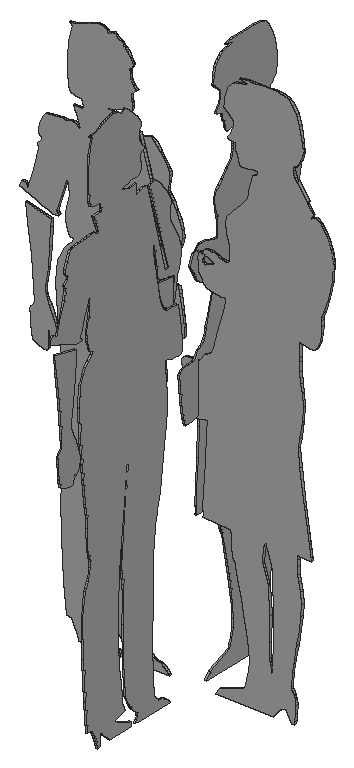
Revit family
Parameters
  built-in parameter 1005198 = (empty or 0)
  built-in parameter 1005195 = "d:\\byoh\\M25_HOL1_Santa.rpc"
Reference planes
  plane 1 "Center (Front/Back)": y = 0
  plane 2: z = 0
  plane 3 "Center (Left/Right)": x = 0
Forms (mm)
  Extrusion 1, solid, material "Sombra escala"
    sketch origin (0, 0, 0) x (1, 0, 0) y (0, 0, 1)
      loop
        line (-466.361, 1260.301) -> (-470.681, 1234.603) -> (-482.071, 1196.113) -> (-493.461, 1160.485) -> (-497.725, 1144.774) -> (-499.184, 1147.636) -> (-502.045, 1151.9) -> (-504.851, 1156.22) -> (-510.574, 1157.623) -> (-516.297, 1154.761) -> (-519.158, 1149.095) -> (-521.964, 1143.372) -> (-521.964, 1140.51) -> (-517.7, 1139.107) -> (-506.31, 1133.384) -> (-490.599, 1127.661) -> (-472.084, 1120.536) -> (-453.568, 1112.007) -> (-436.455, 1106.284) -> (-423.606, 1100.617) -> (-416.48, 1099.158) -> (-407.952, 1100.617) -> (-406.493, 1103.423) -> (-409.355, 1107.743) -> (-412.216, 1113.41) -> (-407.952, 1126.259) -> (-397.965, 1154.761) -> (-389.38, 1181.862) -> (-385.116, 1194.71) -> (-382.255, 1201.836) -> (-377.99, 1197.572) -> (-376.588, 1186.126) -> (-375.129, 1170.472) -> (-377.99, 1153.359) -> (-382.255, 1131.982) -> (-386.519, 1112.007) -> (-385.116, 1094.894) -> (-383.713, 1084.907) -> (-379.393, 1073.517) -> (-376.588, 1063.53) -> (-375.129, 1059.265) -> (-362.28, 1055.001) -> (-365.142, 1046.473) -> (-380.852, 1033.624) -> (-390.839, 1020.831) -> (-399.367, 1006.58) -> (-405.091, 992.328) -> (-409.355, 982.341) -> (-415.078, 923.877) -> (-410.757, 844.035) -> (-403.632, 768.457) -> (-399.367, 727.105) -> (-395.103, 700.005) -> (-390.839, 660.112) -> (-385.116, 620.219) -> (-383.713, 593.119) -> (-382.255, 538.919) -> (-377.99, 514.68) -> (-373.726, 501.831) -> (-372.267, 484.774) -> (-375.129, 471.926) -> (-380.852, 453.41) -> (-387.978, 436.297) -> (-390.839, 429.171) -> (-400.77, 362.122) -> (-399.367, 252.374) -> (-392.242, 136.904) -> (-383.713, 52.742) -> (-368.003, 52.742) -> (-365.142, 45.616) -> (-359.475, 31.364) -> (-352.349, 12.849) -> (-348.029, -2.862) -> (-338.041, -2.862) -> (-338.041, 34.226) -> (-333.777, 29.962) -> (-325.249, 21.377) -> (-313.803, 9.987) -> (-303.871, 0) -> (-224.03, 0) -> (-226.756, 14.725) -> (-243.019, 19.416) -> (-269.8, 30.682) -> (-284.704, 42.717) -> (-246.809, 52.742) -> (-252.445, 64.128) -> (-259.638, 76.91) -> (-260.316, 92.406) -> (-261.061, 132.584) -> (-266.784, 155.42) -> (-271.048, 176.797) -> (-272.507, 242.387) -> (-272.507, 335.078) -> (-269.645, 422.045) -> (-265.381, 470.467) -> (-249.671, 600.245) -> (-241.143, 717.118) -> (-238.281, 769.916) -> (-238.281, 701.464) -> (-241.143, 660.112) -> (-246.809, 567.422) -> (-253.935, 474.787) -> (-256.797, 433.435) -> (-255.394, 419.184) -> (-252.533, 387.819) -> (-249.671, 354.996) -> (-249.671, 332.216) -> (-251.074, 282.28) -> (-249.671, 186.784) -> (-243.948, 88.426) -> (-235.42, 68.452) -> (-226.835, 52.742) -> (-218.307, 42.754) -> (-212.584, 37.087) -> (-205.458, 31.364) -> (-201.194, 27.1) -> (-199.791, 21.377) -> (-199.791, 19.974) -> (-198.332, 15.71) -> (-204.055, 8.585) -> (-206.917, 1.459) -> (-194.068, -1.403) -> (-80, 0) -> (-81.459, 2.862) -> (-87.126, 9.987) -> (-95.71, 18.516) -> (-107.1, 24.239) -> (-118.49, 25.698) -> (-127.075, 29.962) -> (-134.2, 35.629) -> (-141.326, 44.213) -> (-145.59, 92.691) -> (-147.049, 191.048) -> (-145.59, 297.99) -> (-145.59, 372.109) -> (-142.729, 410.599) -> (-139.867, 450.548) -> (-138.465, 484.774) -> (-138.465, 507.554) -> (-134.2, 503.29) -> (-128.477, 528.931) -> (-119.949, 574.547) -> (-112.823, 631.609) -> (-104.239, 690.074) -> (-97.113, 741.357) -> (-92.849, 777.042) -> (-91.446, 788.431) -> (-94.251, 819.796) -> (-97.113, 862.55) -> (-99.974, 899.638) -> (-101.377, 915.292) -> (-98.572, 913.889) -> (-92.849, 912.487) -> (-82.862, 909.625) -> (-71.472, 906.764) -> (-60.026, 905.361) -> (-48.636, 903.902) -> (-40.107, 905.361) -> (-35.843, 908.166) -> (-35.843, 933.864) -> (-41.51, 978.021) -> (-48.636, 1020.831) -> (-51.497, 1039.347) -> (-70.013, 1043.611) -> (-91.446, 1040.75) -> (-94.251, 1042.209) -> (-99.974, 1046.473) -> (-108.503, 1055.001) -> (-115.629, 1069.253) -> (-122.811, 1093.491) -> (-127.075, 1119.133) -> (-129.936, 1139.107) -> (-131.339, 1147.636) -> (-134.2, 1161.887) -> (-139.867, 1191.849) -> (-144.188, 1224.616) -> (-144.58, 1246.307) -> (-140.722, 1241.167) -> (-137.062, 1228.936) -> (-134.2, 1213.226) -> (-131.339, 1200.377) -> (-128.477, 1184.723) -> (-127.075, 1164.749) -> (-124.213, 1144.774) -> (-117.087, 1134.843) -> (-105.698, 1131.982) -> (-91.446, 1129.12) -> (-80, 1127.661) -> (-75.736, 1127.661) -> (-68.61, 1127.661) -> (-64.346, 1124.856) -> (-62.887, 1119.133) -> (-62.887, 1114.869) -> (-64.346, 1107.743) -> (-67.207, 1099.158) -> (-67.207, 1094.894) -> (-65.337, 1051.37) -> (-62.887, 1069.253) -> (-58.623, 1089.171) -> (-55.761, 1110.604) -> (-54.359, 1119.133) -> (-50.094, 1133.384) -> (-44.371, 1150.497) -> (-40.107, 1170.472) -> (-41.51, 1190.446) -> (-48.636, 1214.629) -> (-58.623, 1237.465) -> (-70.013, 1258.842) -> (-82.862, 1280.219) -> (-82.862, 1288.804) -> (-80, 1305.917) -> (-78.597, 1323.03) -> (-78.597, 1331.558) -> (-82.862, 1340.143) -> (-88.585, 1351.533) -> (-97.113, 1362.923) -> (-105.698, 1375.771) -> (-114.226, 1387.161) -> (-122.811, 1395.746) -> (-129.936, 1402.872) -> (-135.603, 1404.274) -> (-142.729, 1402.872) -> (-149.855, 1400.01) -> (-156.882, 1398.219) -> (-84.174, 1152.148) -> (-98.572, 1149.585) -> (-166.968, 1404.274) -> (-176.955, 1405.677) -> (-189.804, 1402.872) -> (-201.194, 1400.01) -> (-205.458, 1398.551) -> (-205.458, 1427.11) -> (-225.432, 1424.249) -> (-262.52, 1437.041) -> (-259.658, 1437.041) -> (-253.935, 1438.5) -> (-246.809, 1439.903) -> (-236.822, 1441.362) -> (-228.294, 1445.626) -> (-218.307, 1447.029) -> (-209.778, 1445.626) -> (-205.458, 1445.626) -> (-202.596, 1445.626) -> (-196.929, 1448.488) -> (-191.206, 1451.349) -> (-188.345, 1458.475) -> (-188.345, 1467.003) -> (-189.804, 1476.99) -> (-191.206, 1484.116) -> (-191.206, 1486.978) -> (-191.206, 1499.77) -> (-175.552, 1512.619) -> (-178.414, 1515.481) -> (-185.539, 1522.606) -> (-192.665, 1532.594) -> (-195.471, 1541.122) -> (-195.471, 1549.707) -> (-195.471, 1556.832) -> (-197.428, 1562.555) -> (-195.471, 1562.555) -> (-191.206, 1565.361) -> (-188.345, 1569.681) -> (-186.942, 1578.21) -> (-189.804, 1585.335) -> (-195.471, 1593.92) -> (-202.596, 1605.31) -> (-212.584, 1615.297) -> (-222.571, 1625.284) -> (-232.558, 1633.813) -> (-239.684, 1639.536) -> (-243.948, 1642.341) -> (-249.671, 1640.938) -> (-253.935, 1638.077) -> (-255.394, 1635.215) -> (-256.797, 1633.813) -> (-259.658, 1636.674) -> (-266.784, 1642.341) -> (-278.174, 1648.064) -> (-289.62, 1649.523) -> (-295.287, 1648.064) -> (-301.01, 1646.661) -> (-308.136, 1643.8) -> (-315.261, 1642.341) -> (-320.984, 1639.536) -> (-328.11, 1636.674) -> (-335.236, 1633.813) -> (-340.903, 1630.951) -> (-353.752, 1626.687) -> (-365.142, 1625.284) -> (-375.129, 1625.284) -> (-370.865, 1623.825) -> (-366.6, 1618.159) -> (-368.003, 1609.574) -> (-376.588, 1572.487) -> (-379.393, 1532.594) -> (-379.393, 1492.645) -> (-377.99, 1454.154) -> (-372.267, 1441.362) -> (-358.016, 1435.639) -> (-343.764, 1435.639) -> (-338.041, 1437.041) -> (-335.236, 1425.652) -> (-333.777, 1417.123) -> (-333.777, 1411.4) -> (-333.777, 1409.997) -> (-363.739, 1409.997) -> (-359.475, 1401.413) -> (-350.89, 1381.438) -> (-343.764, 1361.52) -> (-343.764, 1355.797) -> (-356.613, 1364.381) -> (-362.28, 1365.784) -> (-369.406, 1364.381) -> (-385.116, 1362.923) -> (-396.506, 1362.923) -> (-407.952, 1361.52) -> (-417.883, 1361.52) -> (-427.87, 1360.061) -> (-434.996, 1358.658) -> (-440.719, 1358.658) -> (-444.983, 1357.2) -> (-446.442, 1357.2) -> (-450.706, 1350.074) -> (-459.235, 1333.017) -> (-466.361, 1313.043) -> (-464.958, 1300.194) -> (-459.235, 1293.068) -> (-456.373, 1288.804) -> (-456.373, 1285.942) -> (-456.373, 1284.54) -> (-469.81, 1272.302) -> (-467.819, 1270.232) -> (-466.361, 1260.301)
      loop
        line (-124.052, 1131.438) -> (-117.929, 1094.616) -> (-110.96, 1071.095) -> (-104.394, 1057.963) -> (-96.696, 1050.265) -> (-90.809, 1045.879) -> (-70.224, 1048.627) -> (-72.405, 1099.378) -> (-69.184, 1109.039) -> (-67.887, 1115.375) -> (-67.887, 1121.201) -> (-70.107, 1122.661) -> (-80.317, 1122.661) -> (-92.255, 1124.183) -> (-106.799, 1127.103) -> (-124.052, 1131.438)
      loop
        line (-427.87, 1086.366) -> (-504.851, 1103.423) -> (-497.725, 1053.542) -> (-487.738, 969.492) -> (-480.612, 888.248) -> (-479.209, 846.896) -> (-483.474, 839.77) -> (-489.197, 834.047) -> (-493.461, 828.324) -> (-492.058, 824.06) -> (-490.599, 811.211) -> (-489.197, 789.834) -> (-487.738, 765.595) -> (-484.932, 747.08) -> (-476.348, 742.816) -> (-469.222, 739.954) -> (-462.096, 737.093) -> (-456.373, 735.69) -> (-450.706, 734.231) -> (-446.442, 734.231) -> (-443.581, 734.231) -> (-440.719, 735.69) -> (-437.858, 739.954) -> (-436.455, 745.677) -> (-436.455, 749.941) -> (-436.455, 751.344) -> (-436.455, 785.57) -> (-434.996, 775.583) -> (-434.996, 764.193) -> (-433.593, 755.608) -> (-433.593, 751.344) -> (-423.606, 757.067) -> (-422.204, 761.331) -> (-417.883, 772.721) -> (-415.078, 786.973) -> (-413.619, 796.96) -> (-416.48, 811.211) -> (-423.606, 832.645) -> (-432.191, 854.022) -> (-439.316, 869.676) -> (-443.581, 879.663) -> (-446.442, 889.651) -> (-446.442, 902.499) -> (-442.122, 916.751) -> (-437.858, 952.379) -> (-432.191, 1010.844) -> (-429.329, 1063.53) -> (-427.87, 1086.366)
      loop
        line (295.323, 1438.616) -> (290.65, 1445.626) -> (287.845, 1455.613) -> (286.386, 1464.142) -> (287.845, 1471.267) -> (290.65, 1474.129) -> (293.512, 1475.588) -> (294.971, 1475.588) -> (299.235, 1481.255) -> (307.763, 1495.506) -> (314.889, 1518.342) -> (313.486, 1545.442) -> (304.902, 1586.738) -> (296.373, 1615.297) -> (284.983, 1635.215) -> (272.135, 1648.064) -> (255.022, 1653.787) -> (232.242, 1655.19) -> (203.683, 1655.19) -> (166.651, 1655.19) -> (153.803, 1655.19) -> (140.954, 1653.787) -> (130.967, 1650.926) -> (126.702, 1650.926) -> (153.803, 1643.8) -> (116.715, 1636.674) -> (113.91, 1635.215) -> (106.728, 1629.548) -> (98.199, 1622.423) -> (91.074, 1615.297) -> (88.212, 1603.851) -> (83.948, 1585.335) -> (82.545, 1568.222) -> (81.086, 1561.097) -> (83.948, 1558.235) -> (88.212, 1552.568) -> (96.797, 1545.442) -> (103.922, 1539.719) -> (108.187, 1531.135) -> (108.187, 1518.342) -> (103.922, 1504.091) -> (96.797, 1492.645) -> (92.476, 1485.519) -> (92.476, 1481.255) -> (95.338, 1479.852) -> (96.797, 1479.852) -> (113.91, 1475.588) -> (113.91, 1472.726) -> (113.91, 1468.406) -> (113.91, 1464.142) -> (115.312, 1458.475) -> (118.174, 1452.752) -> (121.035, 1449.89) -> (122.438, 1448.488) -> (122.438, 1444.167) -> (123.841, 1434.236) -> (126.702, 1424.249) -> (132.425, 1419.985) -> (140.954, 1419.985) -> (149.538, 1421.387) -> (159.526, 1422.79) -> (168.054, 1424.249) -> (175.18, 1424.249) -> (179.444, 1422.79) -> (180.903, 1419.985) -> (179.444, 1415.664) -> (176.694, 1411.539) -> (166.651, 1407.136) -> (160.136, 1382.223) -> (158.067, 1378.633) -> (155.205, 1374.313) -> (155.205, 1371.507) -> (153.803, 1362.923) -> (152.4, 1352.935) -> (150.941, 1344.407) -> (148.08, 1338.684) -> (140.954, 1330.155) -> (132.425, 1320.168) -> (122.438, 1308.778) -> (112.451, 1298.791) -> (102.464, 1287.345) -> (95.338, 1278.817) -> (89.671, 1273.094) -> (85.351, 1255.981) -> (89.671, 1230.339) -> (93.935, 1207.503) -> (96.797, 1197.572) -> (96.797, 1153.359) -> (93.935, 1153.359) -> (86.809, 1153.359) -> (76.822, 1154.761) -> (68.238, 1157.623) -> (63.973, 1159.026) -> (58.307, 1160.485) -> (52.584, 1163.346) -> (45.458, 1164.749) -> (39.735, 1164.749) -> (32.609, 1164.749) -> (28.345, 1163.346) -> (24.081, 1161.887) -> (19.76, 1157.623) -> (18.358, 1153.359) -> (21.219, 1150.497) -> (29.748, 1147.636) -> (39.735, 1144.774) -> (48.319, 1139.107) -> (53.986, 1134.843) -> (55.445, 1133.384) -> (51.125, 1131.982) -> (39.735, 1127.661) -> (26.942, 1124.856) -> (18.358, 1127.661) -> (16.955, 1134.843) -> (21.219, 1140.51) -> (25.483, 1146.233) -> (24.081, 1149.095) -> (18.358, 1150.497) -> (12.635, 1150.497) -> (8.37, 1149.095) -> (6.968, 1147.636) -> (-4.478, 1120.536) -> (5.509, 1096.297) -> (16.955, 1079.24) -> (16.955, 1077.781) -> (18.358, 1074.92) -> (22.622, 1069.253) -> (29.748, 1064.932) -> (41.194, 1060.668) -> (55.445, 1057.807) -> (66.835, 1056.404) -> (71.099, 1055.001) -> (73.961, 1056.404) -> (79.684, 1057.807) -> (83.948, 1057.807) -> (86.809, 1052.14) -> (82.545, 1029.36) -> (71.099, 988.008) -> (59.709, 949.518) -> (55.445, 932.405) -> (53.986, 929.543) -> (52.584, 921.015) -> (49.722, 912.487) -> (48.319, 905.361) -> (43.999, 898.179) -> (35.471, 892.512) -> (26.942, 886.789) -> (22.622, 885.386) -> (9.829, 864.009) -> (6.968, 864.009) -> (1.245, 864.009) -> (-7.284, 862.55) -> (-17.271, 862.55) -> (-27.258, 861.148) -> (-35.843, 858.286) -> (-41.51, 854.022) -> (-44.371, 849.758) -> (-41.51, 821.199) -> (-37.246, 774.18) -> (-30.12, 728.564) -> (-22.994, 707.187) -> (-18.73, 707.187) -> (-11.604, 707.187) -> (-1.617, 708.59) -> (6.968, 709.992) -> (16.955, 712.854) -> (25.483, 714.313) -> (32.638, 716.066) -> (29.748, 681.489) -> (25.483, 603.106) -> (19.76, 521.806) -> (18.358, 477.649) -> (19.76, 466.202) -> (19.76, 459.077) -> (18.358, 454.813) -> (18.358, 453.41) -> (101.061, 449.089) -> (101.061, 446.228) -> (102.464, 437.7) -> (103.922, 429.171) -> (103.922, 422.045) -> (103.922, 413.461) -> (103.922, 400.612) -> (105.325, 387.819) -> (106.728, 377.832) -> (109.589, 373.568) -> (111.048, 367.845) -> (113.91, 363.581) -> (115.312, 356.455) -> (119.577, 342.204) -> (125.3, 315.103) -> (132.425, 278.016) -> (139.551, 236.664) -> (146.677, 192.507) -> (152.4, 151.155) -> (155.205, 118.332) -> (153.803, 95.552) -> (148.08, 69.855) -> (143.815, 55.603) -> (140.606, 46.037) -> (68.238, 17.113) -> (55.445, -1.403) -> (226.519, -1.403) -> (229.38, 2.862) -> (237.909, 14.251) -> (249.299, 25.698) -> (263.606, 32.823) -> (279.26, -1.403) -> (289.248, -1.403) -> (290.65, 7.126) -> (292.109, 28.503) -> (293.512, 51.339) -> (292.109, 66.993) -> (289.248, 76.98) -> (284.983, 85.565) -> (280.663, 92.691) -> (279.26, 95.552) -> (283.525, 134.042) -> (289.248, 172.533) -> (296.373, 212.425) -> (303.499, 252.374) -> (307.763, 290.865) -> (310.625, 325.091) -> (307.763, 356.455) -> (302.096, 383.499) -> (299.235, 399.209) -> (299.235, 422.045) -> (299.235, 440.561) -> (299.235, 449.089) -> (339.128, 449.089) -> (333.461, 491.9) -> (319.209, 585.993) -> (304.902, 684.351) -> (300.638, 735.69) -> (304.902, 761.331) -> (312.084, 805.544) -> (316.348, 849.758) -> (313.486, 882.525) -> (307.763, 908.166) -> (304.902, 939.531) -> (304.902, 965.228) -> (304.902, 976.618) -> (304.902, 1013.706) -> (309.222, 1013.706) -> (320.612, 1012.247) -> (333.461, 1009.385) -> (343.448, 1009.385) -> (351.977, 1012.247) -> (357.7, 1019.373) -> (363.366, 1029.36) -> (366.228, 1039.347) -> (369.089, 1060.668) -> (370.492, 1082.045) -> (370.492, 1097.756) -> (370.492, 1104.881) -> (376.215, 1120.536) -> (389.064, 1159.026) -> (401.857, 1210.365) -> (403.315, 1264.565) -> (397.592, 1291.665) -> (389.064, 1315.904) -> (377.618, 1337.281) -> (364.825, 1351.533) -> (351.977, 1358.658) -> (339.442, 1356.142) -> (340.587, 1358.658) -> (344.851, 1364.381) -> (327.171, 1390.836) -> (329.141, 1392.884) -> (329.141, 1394.287) -> (299.235, 1439.903) -> (295.323, 1438.616)
      loop
        line (210.808, 433.435) -> (203.683, 449.089) -> (199.419, 439.102) -> (195.154, 397.807) -> (212.267, 340.745) -> (216.531, 262.362) -> (215.129, 189.645) -> (215.129, 148.294) -> (217.934, 134.042) -> (220.796, 124.055) -> (222.255, 116.929) -> (222.255, 114.068) -> (225.116, 135.445) -> (227.921, 192.507) -> (227.921, 255.236) -> (226.519, 306.519) -> (225.116, 330.757) -> (225.116, 342.204) -> (223.657, 362.122) -> (223.657, 383.499) -> (222.255, 396.348) -> (210.808, 433.435)
    from -2.5 to 2.5
  Extrusion 2, solid, material "Sombra escala"
    sketch origin (0, 0, 0) x (0, 1, 0) y (0, 0, 1)
      loop
        line (-402.854, 1533.996) -> (-402.854, 1494.047) -> (-401.451, 1455.557) -> (-395.728, 1442.765) -> (-381.477, 1437.041) -> (-367.225, 1437.041) -> (-361.502, 1438.444) -> (-358.697, 1427.054) -> (-357.238, 1418.526) -> (-357.238, 1412.803) -> (-357.238, 1411.4) -> (-387.2, 1411.4) -> (-382.935, 1402.816) -> (-374.351, 1382.841) -> (-367.225, 1362.923) -> (-367.225, 1357.2) -> (-380.074, 1365.784) -> (-385.741, 1367.187) -> (-392.867, 1365.784) -> (-408.577, 1364.325) -> (-419.967, 1364.325) -> (-431.413, 1362.923) -> (-441.344, 1362.923) -> (-451.331, 1361.464) -> (-458.457, 1360.061) -> (-464.18, 1360.061) -> (-468.444, 1358.602) -> (-469.903, 1358.602) -> (-474.167, 1351.477) -> (-482.696, 1334.42) -> (-489.821, 1314.445) -> (-488.419, 1301.596) -> (-482.696, 1294.471) -> (-479.834, 1290.207) -> (-479.834, 1287.345) -> (-479.834, 1285.942) -> (-493.271, 1273.705) -> (-491.28, 1271.635) -> (-489.821, 1261.704) -> (-494.142, 1236.006) -> (-505.532, 1197.516) -> (-516.922, 1161.887) -> (-521.186, 1146.177) -> (-522.645, 1149.038) -> (-525.506, 1153.303) -> (-528.312, 1157.623) -> (-534.035, 1159.026) -> (-539.758, 1156.164) -> (-542.619, 1150.497) -> (-545.425, 1144.774) -> (-545.425, 1141.913) -> (-541.16, 1140.51) -> (-529.77, 1134.787) -> (-514.06, 1129.064) -> (-495.544, 1121.938) -> (-477.029, 1113.41) -> (-459.916, 1107.687) -> (-447.067, 1102.02) -> (-439.941, 1100.561) -> (-431.413, 1102.02) -> (-429.954, 1104.825) -> (-432.816, 1109.146) -> (-435.677, 1114.812) -> (-431.413, 1127.661) -> (-421.426, 1156.164) -> (-412.841, 1183.264) -> (-408.577, 1196.113) -> (-405.715, 1203.239) -> (-401.451, 1198.975) -> (-400.048, 1187.529) -> (-398.59, 1171.874) -> (-401.451, 1154.761) -> (-405.715, 1133.384) -> (-409.98, 1113.41) -> (-408.577, 1096.297) -> (-407.174, 1086.31) -> (-402.854, 1074.92) -> (-400.048, 1064.932) -> (-398.59, 1060.668) -> (-385.741, 1056.404) -> (-388.602, 1047.875) -> (-404.313, 1035.027) -> (-414.3, 1022.234) -> (-422.828, 1007.983) -> (-428.551, 993.731) -> (-432.816, 983.744) -> (-438.539, 925.279) -> (-434.218, 845.437) -> (-427.093, 769.86) -> (-422.828, 728.508) -> (-418.564, 701.408) -> (-414.3, 661.515) -> (-408.577, 621.622) -> (-407.174, 594.522) -> (-405.715, 540.321) -> (-401.451, 516.083) -> (-397.187, 503.234) -> (-395.728, 486.177) -> (-398.59, 473.328) -> (-404.313, 454.813) -> (-411.438, 437.7) -> (-414.3, 430.574) -> (-424.231, 363.525) -> (-422.828, 253.777) -> (-415.703, 138.307) -> (-407.174, 54.144) -> (-391.464, 54.144) -> (-388.602, 47.019) -> (-382.935, 32.767) -> (-375.81, 14.251) -> (-371.489, -1.459) -> (-361.502, -1.459) -> (-361.502, 35.629) -> (-357.238, 31.364) -> (-348.709, 22.78) -> (-337.263, 11.39) -> (-327.332, 1.403) -> (-247.49, 1.403) -> (-250.217, 16.128) -> (-266.48, 20.819) -> (-293.261, 32.085) -> (-308.165, 44.12) -> (-270.27, 54.144) -> (-275.906, 65.53) -> (-283.099, 78.313) -> (-283.777, 93.808) -> (-284.522, 133.986) -> (-290.245, 156.822) -> (-294.509, 178.199) -> (-295.968, 243.79) -> (-295.968, 336.48) -> (-293.106, 423.448) -> (-288.842, 471.869) -> (-273.132, 601.648) -> (-264.603, 718.521) -> (-261.742, 771.318) -> (-261.742, 702.867) -> (-264.603, 661.515) -> (-270.27, 568.824) -> (-277.396, 476.19) -> (-280.258, 434.838) -> (-278.855, 420.587) -> (-275.993, 389.222) -> (-273.132, 356.399) -> (-273.132, 333.619) -> (-274.534, 283.683) -> (-273.132, 188.187) -> (-267.409, 89.829) -> (-258.88, 69.855) -> (-250.296, 54.144) -> (-241.767, 44.157) -> (-236.044, 38.49) -> (-228.919, 32.767) -> (-224.654, 28.503) -> (-223.252, 22.78) -> (-223.252, 21.377) -> (-221.793, 17.113) -> (-227.516, 9.987) -> (-230.377, 2.862) -> (-217.529, 0) -> (-103.461, 1.403) -> (-104.92, 4.264) -> (-110.587, 11.39) -> (-119.171, 19.918) -> (-130.561, 25.641) -> (-141.951, 27.1) -> (-150.536, 31.364) -> (-157.661, 37.031) -> (-164.787, 45.616) -> (-169.051, 94.093) -> (-170.51, 192.451) -> (-169.051, 299.393) -> (-169.051, 373.512) -> (-166.19, 412.002) -> (-163.328, 451.951) -> (-161.925, 486.177) -> (-161.925, 508.957) -> (-157.661, 504.693) -> (-151.938, 530.334) -> (-143.41, 575.95) -> (-136.284, 633.012) -> (-127.7, 691.477) -> (-120.574, 742.759) -> (-116.31, 778.444) -> (-114.907, 789.834) -> (-117.712, 821.199) -> (-120.574, 863.953) -> (-123.435, 901.041) -> (-124.838, 916.695) -> (-122.033, 915.292) -> (-116.31, 913.889) -> (-106.322, 911.028) -> (-94.932, 908.166) -> (-83.486, 906.764) -> (-72.096, 905.305) -> (-63.568, 906.764) -> (-59.304, 909.569) -> (-59.304, 935.266) -> (-64.971, 979.424) -> (-72.096, 1022.234) -> (-74.958, 1040.75) -> (-93.474, 1045.014) -> (-114.907, 1042.152) -> (-117.712, 1043.611) -> (-123.435, 1047.875) -> (-131.964, 1056.404) -> (-139.089, 1070.655) -> (-146.271, 1094.894) -> (-150.536, 1120.536) -> (-153.397, 1140.51) -> (-154.8, 1149.038) -> (-157.661, 1163.29) -> (-163.328, 1193.252) -> (-167.648, 1226.019) -> (-168.041, 1247.71) -> (-164.182, 1242.57) -> (-160.523, 1230.339) -> (-157.661, 1214.629) -> (-154.8, 1201.78) -> (-151.938, 1186.126) -> (-150.536, 1166.151) -> (-147.674, 1146.177) -> (-140.548, 1136.246) -> (-129.158, 1133.384) -> (-114.907, 1130.523) -> (-103.461, 1129.064) -> (-99.197, 1129.064) -> (-92.071, 1129.064) -> (-87.807, 1126.259) -> (-86.348, 1120.536) -> (-86.348, 1116.271) -> (-87.807, 1109.146) -> (-90.668, 1100.561) -> (-90.668, 1096.297) -> (-88.798, 1052.773) -> (-86.348, 1070.655) -> (-82.084, 1090.574) -> (-79.222, 1112.007) -> (-77.819, 1120.536) -> (-73.555, 1134.787) -> (-67.832, 1151.9) -> (-63.568, 1171.874) -> (-64.971, 1191.849) -> (-72.096, 1216.032) -> (-82.084, 1238.868) -> (-93.474, 1260.245) -> (-106.322, 1281.622) -> (-106.322, 1290.207) -> (-103.461, 1307.319) -> (-102.058, 1324.432) -> (-102.058, 1332.961) -> (-106.322, 1341.545) -> (-112.045, 1352.935) -> (-120.574, 1364.325) -> (-129.158, 1377.174) -> (-137.687, 1388.564) -> (-146.271, 1397.149) -> (-153.397, 1404.274) -> (-159.064, 1405.677) -> (-166.19, 1404.274) -> (-173.315, 1401.413) -> (-180.343, 1399.622) -> (-107.635, 1153.551) -> (-122.033, 1150.988) -> (-190.428, 1405.677) -> (-200.416, 1407.08) -> (-213.264, 1404.274) -> (-224.654, 1401.413) -> (-228.919, 1399.954) -> (-228.919, 1428.513) -> (-248.893, 1425.652) -> (-285.981, 1438.444) -> (-283.119, 1438.444) -> (-277.396, 1439.903) -> (-270.27, 1441.306) -> (-260.283, 1442.765) -> (-251.755, 1447.029) -> (-241.767, 1448.431) -> (-233.239, 1447.029) -> (-228.919, 1447.029) -> (-226.057, 1447.029) -> (-220.39, 1449.89) -> (-214.667, 1452.752) -> (-211.806, 1459.878) -> (-211.806, 1468.406) -> (-213.264, 1478.393) -> (-214.667, 1485.519) -> (-214.667, 1488.38) -> (-214.667, 1501.173) -> (-199.013, 1514.022) -> (-201.874, 1516.883) -> (-209, 1524.009) -> (-216.126, 1533.996) -> (-218.931, 1542.525) -> (-218.931, 1551.109) -> (-218.931, 1558.235) -> (-220.889, 1563.958) -> (-218.931, 1563.958) -> (-214.667, 1566.763) -> (-211.806, 1571.084) -> (-210.403, 1579.612) -> (-213.264, 1586.738) -> (-218.931, 1595.323) -> (-226.057, 1606.712) -> (-236.044, 1616.7) -> (-246.032, 1626.687) -> (-256.019, 1635.215) -> (-263.145, 1640.938) -> (-267.409, 1643.744) -> (-273.132, 1642.341) -> (-277.396, 1639.48) -> (-278.855, 1636.618) -> (-280.258, 1635.215) -> (-283.119, 1638.077) -> (-290.245, 1643.744) -> (-301.635, 1649.467) -> (-313.081, 1650.926) -> (-318.748, 1649.467) -> (-324.471, 1648.064) -> (-331.596, 1645.203) -> (-338.722, 1643.744) -> (-344.445, 1640.938) -> (-351.571, 1638.077) -> (-358.697, 1635.215) -> (-364.364, 1632.354) -> (-377.212, 1628.09) -> (-388.602, 1626.687) -> (-398.59, 1626.687) -> (-394.325, 1625.228) -> (-390.061, 1619.561) -> (-391.464, 1610.977) -> (-400.048, 1573.889) -> (-402.854, 1533.996)
      loop
        line (-93.474, 1050.058) -> (-93.474, 1122.412) -> (-141.408, 1128.521) -> (-147.501, 1134.614) -> (-145.594, 1121.3) -> (-141.39, 1096.019) -> (-134.42, 1072.498) -> (-127.854, 1059.366) -> (-120.157, 1051.668) -> (-114.27, 1047.282) -> (-93.474, 1050.058)
      loop
        line (-461.318, 953.782) -> (-455.652, 1012.247) -> (-452.79, 1064.932) -> (-451.331, 1087.768) -> (-528.312, 1104.825) -> (-521.186, 1054.945) -> (-511.199, 970.895) -> (-504.073, 889.651) -> (-502.67, 848.299) -> (-506.934, 841.173) -> (-512.657, 835.45) -> (-516.922, 829.727) -> (-515.519, 825.463) -> (-514.06, 812.614) -> (-512.657, 791.237) -> (-511.199, 766.998) -> (-508.393, 748.482) -> (-499.809, 744.218) -> (-492.683, 741.357) -> (-485.557, 738.495) -> (-479.834, 737.093) -> (-474.167, 735.634) -> (-469.903, 735.634) -> (-467.041, 735.634) -> (-464.18, 737.093) -> (-461.318, 741.357) -> (-459.916, 747.08) -> (-459.916, 751.344) -> (-459.916, 752.747) -> (-459.916, 786.973) -> (-458.457, 776.985) -> (-458.457, 765.595) -> (-457.054, 757.011) -> (-457.054, 752.747) -> (-447.067, 758.47) -> (-445.664, 762.734) -> (-441.344, 774.124) -> (-438.539, 788.375) -> (-437.08, 798.363) -> (-439.941, 812.614) -> (-447.067, 834.047) -> (-455.652, 855.425) -> (-462.777, 871.079) -> (-467.041, 881.066) -> (-469.903, 891.053) -> (-469.903, 903.902) -> (-465.583, 918.153) -> (-461.318, 953.782)
      loop
        line (271.863, 1440.019) -> (267.19, 1447.029) -> (264.384, 1457.016) -> (262.925, 1465.544) -> (264.384, 1472.67) -> (267.19, 1475.532) -> (270.051, 1476.99) -> (271.51, 1476.99) -> (275.774, 1482.657) -> (284.303, 1496.909) -> (291.428, 1519.745) -> (290.026, 1546.845) -> (281.441, 1588.141) -> (272.913, 1616.7) -> (261.523, 1636.618) -> (248.674, 1649.467) -> (231.561, 1655.19) -> (208.781, 1656.593) -> (180.222, 1656.593) -> (143.191, 1656.593) -> (130.342, 1656.593) -> (117.493, 1655.19) -> (107.506, 1652.328) -> (103.242, 1652.328) -> (130.342, 1645.203) -> (93.254, 1638.077) -> (90.449, 1636.618) -> (83.267, 1630.951) -> (74.739, 1623.825) -> (67.613, 1616.7) -> (64.751, 1605.254) -> (60.487, 1586.738) -> (59.084, 1569.625) -> (57.626, 1562.499) -> (60.487, 1559.638) -> (64.751, 1553.971) -> (73.336, 1546.845) -> (80.462, 1541.122) -> (84.726, 1532.538) -> (84.726, 1519.745) -> (80.462, 1505.493) -> (73.336, 1494.047) -> (69.016, 1486.922) -> (69.016, 1482.657) -> (71.877, 1481.255) -> (73.336, 1481.255) -> (90.449, 1476.99) -> (90.449, 1474.129) -> (90.449, 1469.809) -> (90.449, 1465.544) -> (91.852, 1459.878) -> (94.713, 1454.154) -> (97.575, 1451.293) -> (98.977, 1449.89) -> (98.977, 1445.57) -> (100.38, 1435.639) -> (103.242, 1425.652) -> (108.965, 1421.387) -> (117.493, 1421.387) -> (126.078, 1422.79) -> (136.065, 1424.193) -> (144.593, 1425.652) -> (151.719, 1425.652) -> (155.983, 1424.193) -> (157.442, 1421.387) -> (155.983, 1417.067) -> (153.233, 1412.941) -> (143.191, 1408.539) -> (136.675, 1383.626) -> (134.606, 1380.036) -> (131.744, 1375.715) -> (131.744, 1372.91) -> (130.342, 1364.325) -> (128.939, 1354.338) -> (127.48, 1345.81) -> (124.619, 1340.087) -> (117.493, 1331.558) -> (108.965, 1321.571) -> (98.977, 1310.181) -> (88.99, 1300.194) -> (79.003, 1288.748) -> (71.877, 1280.219) -> (66.21, 1274.496) -> (61.89, 1257.383) -> (66.21, 1231.742) -> (70.474, 1208.906) -> (73.336, 1198.975) -> (73.336, 1154.761) -> (70.474, 1154.761) -> (63.349, 1154.761) -> (53.361, 1156.164) -> (44.777, 1159.026) -> (40.513, 1160.428) -> (34.846, 1161.887) -> (29.123, 1164.749) -> (21.997, 1166.151) -> (16.274, 1166.151) -> (9.148, 1166.151) -> (4.884, 1164.749) -> (0.62, 1163.29) -> (-3.701, 1159.026) -> (-5.103, 1154.761) -> (-2.242, 1151.9) -> (6.287, 1149.038) -> (16.274, 1146.177) -> (24.859, 1140.51) -> (30.525, 1136.246) -> (31.984, 1134.787) -> (27.664, 1133.384) -> (16.274, 1129.064) -> (3.481, 1126.259) -> (-5.103, 1129.064) -> (-6.506, 1136.246) -> (-2.242, 1141.913) -> (2.022, 1147.636) -> (0.62, 1150.497) -> (-5.103, 1151.9) -> (-10.826, 1151.9) -> (-15.09, 1150.497) -> (-16.493, 1149.038) -> (-27.939, 1121.938) -> (-17.952, 1097.7) -> (-6.506, 1080.643) -> (-6.506, 1079.184) -> (-5.103, 1076.322) -> (-0.839, 1070.655) -> (6.287, 1066.335) -> (17.733, 1062.071) -> (31.984, 1059.209) -> (43.374, 1057.807) -> (47.638, 1056.404) -> (50.5, 1057.807) -> (56.223, 1059.209) -> (60.487, 1059.209) -> (63.349, 1053.542) -> (59.084, 1030.763) -> (47.638, 989.411) -> (36.248, 950.921) -> (31.984, 933.808) -> (30.525, 930.946) -> (29.123, 922.418) -> (26.261, 913.889) -> (24.859, 906.764) -> (20.538, 899.582) -> (12.01, 893.915) -> (3.481, 888.192) -> (-0.839, 886.789) -> (-13.632, 865.412) -> (-16.493, 865.412) -> (-22.216, 865.412) -> (-30.745, 863.953) -> (-40.732, 863.953) -> (-50.719, 862.55) -> (-59.304, 859.689) -> (-64.971, 855.425) -> (-67.832, 851.16) -> (-64.971, 822.601) -> (-60.706, 775.583) -> (-53.581, 729.967) -> (-46.455, 708.59) -> (-42.191, 708.59) -> (-35.065, 708.59) -> (-25.078, 709.992) -> (-16.493, 711.395) -> (-6.506, 714.257) -> (2.022, 715.715) -> (9.178, 717.469) -> (6.287, 682.892) -> (2.022, 604.509) -> (-3.701, 523.208) -> (-5.103, 479.051) -> (-3.701, 467.605) -> (-3.701, 460.479) -> (-5.103, 456.215) -> (-5.103, 454.813) -> (77.6, 450.492) -> (77.6, 447.631) -> (79.003, 439.102) -> (80.462, 430.574) -> (80.462, 423.448) -> (80.462, 414.864) -> (80.462, 402.015) -> (81.864, 389.222) -> (83.267, 379.235) -> (86.129, 374.971) -> (87.587, 369.248) -> (90.449, 364.983) -> (91.852, 357.858) -> (96.116, 343.606) -> (101.839, 316.506) -> (108.965, 279.419) -> (116.09, 238.067) -> (123.216, 193.91) -> (128.939, 152.558) -> (131.744, 119.735) -> (130.342, 96.955) -> (124.619, 71.257) -> (120.355, 57.006) -> (117.145, 47.44) -> (44.777, 18.516) -> (31.984, 0) -> (203.058, 0) -> (205.919, 4.264) -> (214.448, 15.654) -> (225.838, 27.1) -> (240.145, 34.226) -> (255.8, 0) -> (265.787, 0) -> (267.19, 8.528) -> (268.648, 29.906) -> (270.051, 52.742) -> (268.648, 68.396) -> (265.787, 78.383) -> (261.523, 86.968) -> (257.202, 94.093) -> (255.8, 96.955) -> (260.064, 135.445) -> (265.787, 173.935) -> (272.913, 213.828) -> (280.038, 253.777) -> (284.303, 292.267) -> (287.164, 326.493) -> (284.303, 357.858) -> (278.636, 384.902) -> (275.774, 400.612) -> (275.774, 423.448) -> (275.774, 441.964) -> (275.774, 450.492) -> (315.667, 450.492) -> (310, 493.303) -> (295.749, 587.396) -> (281.441, 685.754) -> (277.177, 737.093) -> (281.441, 762.734) -> (288.623, 806.947) -> (292.887, 851.16) -> (290.026, 883.928) -> (284.303, 909.569) -> (281.441, 940.933) -> (281.441, 966.631) -> (281.441, 978.021) -> (281.441, 1015.108) -> (285.761, 1015.108) -> (297.151, 1013.65) -> (310, 1010.788) -> (319.987, 1010.788) -> (328.516, 1013.65) -> (334.239, 1020.775) -> (339.906, 1030.763) -> (342.767, 1040.75) -> (345.629, 1062.071) -> (347.031, 1083.448) -> (347.031, 1099.158) -> (347.031, 1106.284) -> (352.754, 1121.938) -> (365.603, 1160.428) -> (378.396, 1211.767) -> (379.855, 1265.968) -> (374.132, 1293.068) -> (365.603, 1317.307) -> (354.157, 1338.684) -> (341.364, 1352.935) -> (328.516, 1360.061) -> (315.981, 1357.544) -> (317.126, 1360.061) -> (321.39, 1365.784) -> (303.71, 1392.239) -> (305.68, 1394.287) -> (305.68, 1395.69) -> (275.774, 1441.306) -> (271.863, 1440.019)
      loop
        line (201.655, 332.16) -> (201.655, 343.606) -> (200.196, 363.525) -> (200.196, 384.902) -> (198.794, 397.751) -> (187.348, 434.838) -> (180.222, 450.492) -> (175.958, 440.505) -> (171.693, 399.209) -> (188.806, 342.147) -> (193.071, 263.764) -> (191.668, 191.048) -> (191.668, 149.696) -> (194.473, 135.445) -> (197.335, 125.458) -> (198.794, 118.332) -> (198.794, 115.471) -> (201.655, 136.848) -> (204.461, 193.91) -> (204.461, 256.639) -> (203.058, 307.921) -> (201.655, 332.16)
    from -2.5 to 2.5
